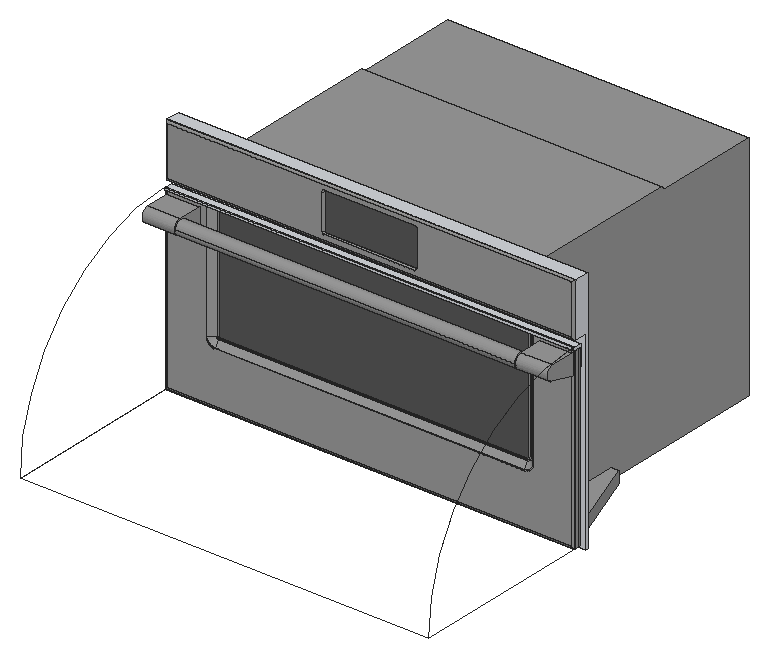
Revit family "FP-Revit20-en-OM30NPTX1-CompactSpeedOven-0-90003862A-US-CA", category Generic Models, Revit 2020
Family settings
  Can host rebar = No
  Round Connector Dimension = Use Diameter
  Part Type = Normal
  Work Plane-Based = No
  Always vertical = Yes
  Cut with Voids When Loaded = No
  Shared = No
  Room Calculation Point = No
Parameters (values of type "OM30NPTX1")
  URL = "www.fisherpaykel.com"
  Product - Overall width = 757 mm  # constant formula
  Product - Overall height = 458 mm  # constant formula
  Product - Overall depth (Excluding handle) = 575 mm  # constant formula
  Model = "OM30NPTX1"
  Material - Stainless steel = Fisher & Paykel - Stainless Steel
  Material - Handle = Fisher & Paykel - Stainless Steel
  Material - Black Glass = Fisher & Paykel - Glass, Black
  Manufacturer = "Fisher & Paykel Appliances"
  Description = "Compact Speed Oven, 30\""
  Default Elevation = 0 mm
  Connector note = "208 or 240 V, 60 Hz, 20 A"
  Clearance - Door = Fisher & Paykel - Clearance Required
  Chassis - Width = 720 mm  # constant formula
  Chassis - Height = 435 mm  # constant formula
  Chassis - Depth = 545 mm  # constant formula
  Cavity - minimum width = 724 mm  # constant formula
  Cavity - minimum depth = 550 mm  # constant formula
  Cavity - Minimum Height = 446 mm  # constant formula
Reference planes
  plane 1 "Center (Front/Back)": y = 0
  plane 2: z = 0
  plane 3 "Center (Left/Right)": x = 0
  plane 4: x = 278
  plane 5: x = -278
  plane 6 "Chassis Rear": y = 545
  plane 7 "Cavity RHS": x = 362
  plane 8 "Cavity LHS": x = -362
  plane 9: x = 229
  plane 10: x = -229
  plane 11: z = 21.6
  plane 12: z = 501.8
  plane 13 "Overall width RHS": x = 378.5
  plane 14 "Overall width LHS": x = -378.5
  plane 15: y = -16
  plane 16: y = -26
  plane 17: y = -30
  plane 18: z = 13
  plane 19 "Chassis RHS": x = 360
  plane 20 "Chassis LHS": x = -360
  plane 21: x = 347
  plane 22: x = -350
  plane 23 "Product - Overall height": z = 458
  plane 24: z = 487
  plane 25: z = 498
  plane 26 "Chassis - Top": z = 435
  plane 27 "Cavity - Rear": y = 550
  plane 28: x = -196.25
  plane 29: z = 446
  plane 30: z = 342.6
  plane 31: y = -30
  plane 32: y = -366
Forms (mm)
  Extrusion 1, solid, material "Fisher & Paykel - Stainless Steel" <- "Material - Stainless steel"
    sketch origin (0, 0, 0) x (0, 1, 0) y (0, 0, 1)
      loop
        line (0, 435) -> (0, 0) -> (498, 0) -> (498, 428) -> (305, 428) -> (298, 435) -> (0, 435)
    from -278 to 278
  Extrusion 2, solid
    sketch origin (0, 0, 0) x (0, 1, 0) y (0, 0, 1)
      loop
        line (498, 320) -> (498, 0) -> (528, 0) -> (528, 50) -> (545, 70) -> (545, 265) -> (498, 320)
    from -229 to 229
  Extrusion 3, void
    sketch origin (0, 0, 0) x (1, 0, 0) y (0, 1, 0)
      loop
        line (229, 498) -> (229, 545) -> (201.865, 545) -> (229, 498)
      loop
        line (-229, 498) -> (-201.865, 545) -> (-229, 545) -> (-229, 498)
    from 0 to 320
  Extrusion 4, solid, material "Fisher & Paykel - Stainless Steel" <- "Material - Stainless steel"
    sketch origin (0, 0, 0) x (1, 0, 0) y (0, 1, 0)
      loop
        line (293.636, 178.407) -> (278, 178.407) -> (278, 0) -> (359, 0) -> (293.636, 178.407)
      loop
        line (-293.636, 178.407) -> (-359, 0) -> (-278, 0) -> (-278, 178.407) -> (-293.636, 178.407)
    from 0 to 21.6
  Extrusion 5, solid
    sketch origin (0, 0, 0) x (1, 0, 0) y (0, 1, 0)
      loop
        line (359, 0) -> (351.079, 17.525) -> (348.66, 16.644) -> (356.217, 0) -> (359, 0)
      loop
        line (-359, 0) -> (-356.217, 0) -> (-351.66, 16.644) -> (-354.079, 17.525) -> (-359, 0)
    from 0 to 359.995
  Extrusion 6, solid
    sketch origin (378.5, 0, -140) x (0, 1, 0) y (0, 0, 1)
      loop
        line (0, 598) -> (-26, 598) -> (-26, 498) -> (-4, 498) -> (-4, 140) -> (0, 140) -> (0, 598)
    from 0 to -757
  Sweep 7, solid, material "Fisher & Paykel - Stainless Steel" <- "Material - Stainless steel"
    path origin (4267.2, -16, 482.097) x (0, 0, -1) y (1, 0, 0)
      loop
        line (139.497, -4555.2) -> (354.397, -4555.2)
        arc (354.397, -4555.2) -> (355.811, -4554.614) -> (356.397, -4553.2) r 2
        line (356.397, -4553.2) -> (356.397, -3981.2)
        arc (356.397, -3981.2) -> (355.811, -3979.786) -> (354.397, -3979.2) r 2
        line (354.397, -3979.2) -> (139.497, -3979.2)
    profile origin (-288, -16, 235.15) x (0, -1, 0) y (1, 0, 0)
      loop
        arc (5.546, -2.353) -> (5.429, -1.922) -> (5.39, -1.477) r 2.547
        line (5.39, -1.477) -> (5.39, 0) -> (-0.1, 0) -> (-0.1, -42.011) -> (14, -42.011) -> (14, -14.967)
        arc (14, -14.967) -> (13.906, -14.363) -> (13.634, -13.814) r 2
        line (13.634, -13.814) -> (5.546, -2.353)
  Sweep 8, solid, material "Fisher & Paykel - Stainless Steel" <- "Material - Stainless steel"
    path origin (4267.2, -16, 482.097) x (0, 0, -1) y (1, 0, 0)
      loop
        line (139.497, -4645.7) -> (470.597, -4645.7) -> (470.597, -3888.7) -> (139.497, -3888.7)
    profile origin (-378.5, -16, 177.05) x (0, -1, 0) y (1, 0, 0)
      loop
        arc (10, 0) -> (12.828, 1.172) -> (14, 4) r 4
        line (14, 4) -> (14, 24.223) -> (0, 24.223) -> (0, 4)
        arc (0, 4) -> (1.172, 1.172) -> (4, 0) r 4
        line (4, 0) -> (10, 0)
  Extrusion 9, solid, material "Fisher & Paykel - Stainless Steel" <- "Material - Stainless steel"
    sketch origin (4267.2, -16, 482.097) x (0, 0, -1) y (1, 0, 0)
      loop
        line (446.374, -4621.477) -> (446.374, -3912.923) -> (139.497, -3912.923) -> (139.497, -3937.189) -> (354.397, -3937.189)
        arc (354.397, -3937.189) -> (385.518, -3950.079) -> (398.408, -3981.2) r 44.011
        line (398.408, -3981.2) -> (398.408, -4553.2)
        arc (398.408, -4553.2) -> (385.518, -4584.321) -> (354.397, -4597.211) r 44.011
        line (354.397, -4597.211) -> (139.597, -4597.211) -> (139.597, -4621.477) -> (446.374, -4621.477)
    from 0 to 14
  Sweep 10, solid, material "Fisher & Paykel - Stainless Steel" <- "Material - Stainless steel"
    path origin (4267.2, -26, 458) x (0, 0, -1) y (1, 0, 0)
      loop
        line (0, -4645.7) -> (100, -4645.7) -> (100, -3888.7) -> (0, -3888.7) -> (0, -4645.7)
    profile origin (-378.5, -26, 408) x (0, -1, 0) y (1, 0, 0)
      loop
        line (4, 8.962) -> (0, 8.962) -> (0, 0)
        arc (0, 0) -> (2.828, 1.172) -> (4, 4) r 4
        line (4, 4) -> (4, 8.962)
  Extrusion 11, solid, material "Fisher & Paykel - Stainless Steel" <- "Material - Stainless steel"
    sketch origin (4267.2, -26, 458) x (0, 0, -1) y (1, 0, 0)
      loop
        line (91.038, -4636.738) -> (91.038, -3897.662) -> (8.962, -3897.662) -> (8.962, -4636.738) -> (91.038, -4636.738)
    from 0 to 4
  Extrusion 12, solid
    sketch origin (378.5, 0, 0) x (0, 1, 0) y (0, 0, 1)
      loop
        line (-4, 344.5) -> (-14.755, 344.5) -> (-14.755, 38.5) -> (-4, 38.5) -> (-4, 344.5)
    from -728.5 to -31.5
  Extrusion 13, solid
    sketch origin (378.5, -4, 38.5) x (-1, 0, 0) y (0, 1, 0)
      loop
        line (114, 0) -> (114, -10) -> (137, -10) -> (137, 0) -> (114, 0)
      loop
        line (646, -10) -> (646, 0) -> (623, 0) -> (623, -10) -> (646, -10)
    from 0 to 25.5
  Extrusion 14, void
    sketch origin (264.5, -4, 38.5) x (0, 1, 0) y (0, 0, -1)
      loop
        circle (-5.74, 21.5) r 2.483
    from 0 to 532
  Extrusion 15, solid, material "Fisher & Paykel - Glass, Black" <- "Material - Black Glass"
    sketch origin (378.5, -15.9, 342.5) x (0, 0, -1) y (1, 0, 0)
      loop
        line (0, -90.5) -> (0, -666.5) -> (214.8, -666.5)
        arc (214.8, -666.5) -> (216.214, -665.914) -> (216.8, -664.5) r 2
        line (216.8, -664.5) -> (216.8, -92.5)
        arc (216.8, -92.5) -> (216.214, -91.086) -> (214.8, -90.5) r 2
        line (214.8, -90.5) -> (0, -90.5)
    from 0 to 3.367
  Extrusion 16, void
    sketch origin (0, 0, 0) x (1, 0, 0) y (0, 1, 0)
      loop
        line (362, 550) -> (-362, 550) -> (-362, 0) -> (362, 0) -> (362, 550)
    from 0 to 446
  Extrusion 17, solid, material "Fisher & Paykel - Clearance Required" <- "Clearance - Door"
    sketch origin (378.5, -6.202, 1200) x (0, 1, 0) y (0, 0, 1)
      loop
        line (-23.798, -1188.5) -> (-23.798, -852.5)
        arc (-23.798, -852.5) -> (-261.386, -950.912) -> (-359.798, -1188.5) r 336
        line (-359.798, -1188.5) -> (-23.798, -1188.5)
    from 0 to -757
  Extrusion 18, solid
    sketch origin (0, 498, 0) x (0, 0, 1) y (1, 0, 0)
      loop
        line (338, 195) -> (338, 103) -> (398, 103) -> (398, 195) -> (338, 195)
    from 0 to 21
  Blend 19, void
    base sketch origin (4267.2, -30, 458) x (0, 0, -1) y (1, 0, 0)
      loop
        arc (16.5, -4178.915) -> (13.002, -4180.36) -> (11.543, -4183.853) r 4.957
        line (11.543, -4183.853) -> (11.543, -4350.509)
        arc (11.543, -4350.509) -> (12.988, -4354.027) -> (16.5, -4355.485) r 4.957
        line (16.5, -4355.485) -> (81.783, -4355.485)
        arc (81.783, -4355.485) -> (85.288, -4354.033) -> (86.74, -4350.528) r 4.957
        line (86.74, -4350.528) -> (86.74, -4183.872)
        arc (86.74, -4183.872) -> (85.288, -4180.367) -> (81.783, -4178.915) r 4.957
        line (81.783, -4178.915) -> (16.5, -4178.915)
    top sketch origin (4267.2, -30, 458) x (0, 0, -1) y (1, 0, 0)
      loop
        line (16.5, -4353.527) -> (81.783, -4353.527)
        arc (81.783, -4353.527) -> (83.904, -4352.649) -> (84.782, -4350.528) r 2.999
        line (84.782, -4350.528) -> (84.782, -4183.872)
        arc (84.782, -4183.872) -> (83.904, -4181.751) -> (81.783, -4180.873) r 2.999
        line (81.783, -4180.873) -> (16.5, -4180.873)
        arc (16.5, -4180.873) -> (14.382, -4181.748) -> (13.501, -4183.863) r 2.999
        line (13.501, -4183.863) -> (13.501, -4350.52)
        arc (13.501, -4350.52) -> (14.377, -4352.646) -> (16.5, -4353.527) r 2.999
    from 0 to -4
  Extrusion 20, solid, material "Fisher & Paykel - Stainless Steel" <- "Material - Handle", detail levels medium+fine
    sketch origin (0, 8, 115.694) x (0, 1, 0) y (0, 0, 1)
      loop
        circle (-83.175, 207.885) r 12.921
    from -314.963 to 314.963
  Extrusion 21, solid, material "Fisher & Paykel - Stainless Steel" <- "Material - Handle"
    sketch origin (0, 7, -377.725) x (0, 1, 0) y (0, 0, 1)
      loop
        line (-37, 714.225) -> (-82.175, 714.225)
        arc (-82.175, 714.225) -> (-94.993, 702.933) -> (-85.405, 688.794) r 12.921
        line (-85.405, 688.794) -> (-37, 676.725) -> (-37, 714.225)
    from -375 to -314.963
  Extrusion 22, solid
    sketch origin (0, 0, 0) x (0, 1, 0) y (0, 0, 1)
      loop
        line (-14.755, 346.5) -> (-30.755, 346.5) -> (-30.755, 342.6) -> (-15.9, 342.6) -> (-15.9, 308.5) -> (-14.755, 308.5) -> (-14.755, 346.5)
    from -378.5 to 378.5
  Extrusion 23, solid, material "Fisher & Paykel - Stainless Steel" <- "Material - Handle"
    sketch origin (689.963, 7, -377.725) x (0, 1, 0) y (0, 0, 1)
      loop
        line (-37, 714.225) -> (-82.175, 714.225)
        arc (-82.175, 714.225) -> (-94.993, 702.933) -> (-85.405, 688.794) r 12.921
        line (-85.405, 688.794) -> (-37, 676.725) -> (-37, 714.225)
    from -375 to -314.963
  Extrusion 24, solid, material "Fisher & Paykel - Glass, Black" <- "Material - Black Glass"
    sketch origin (4267.2, -26, 458) x (0, 0, 1) y (1, 0, 0)
      loop
        arc (-16.5, -4353.527) -> (-14.377, -4352.646) -> (-13.501, -4350.52) r 2.999
        line (-13.501, -4350.52) -> (-13.501, -4183.863)
        arc (-13.501, -4183.863) -> (-14.382, -4181.748) -> (-16.5, -4180.873) r 2.999
        line (-16.5, -4180.873) -> (-81.783, -4180.873)
        arc (-81.783, -4180.873) -> (-83.904, -4181.751) -> (-84.782, -4183.872) r 2.999
        line (-84.782, -4183.872) -> (-84.782, -4350.528)
        arc (-84.782, -4350.528) -> (-83.904, -4352.649) -> (-81.783, -4353.527) r 2.999
        line (-81.783, -4353.527) -> (-16.5, -4353.527)
    from 0.642 to -0.307
Cuts and joins
  Extrusion 3 cuts Extrusion 2
  joined: Sweep 7, Sweep 8, Extrusion 9
  Extrusion 14 cuts Extrusion 13
  Blend 19 cuts Extrusion 11
  joined: Sweep 10, Extrusion 11
Lines and regions (mm)
  model lines
    curve 1: line (-375.413, -16, 482.7) -> (-376.243, -16, 482.7)
Dimensions and locks
  "Product - Overall width": plane 14 "Overall width LHS" to plane 13 "Overall width RHS"
  "Chassis - Width": plane 20 "Chassis LHS" to plane 19 "Chassis RHS"
  "Chassis - Depth": plane 1 "Center (Front/Back)" to plane 6 "Chassis Rear"
  plane 17 to plane 1 "Center (Front/Back)" = 30 mm
  "Product - Overall height": plane 23 "Product - Overall height" to level
  locked: plane 24 to level at 487
  plane 25 to plane 23 "Product - Overall height" = 40 mm
  "Chassis - Height": plane 26 "Chassis - Top" to level
  "Cavity - minimum width": plane 8 "Cavity LHS" to plane 7 "Cavity RHS"
  "Cavity - minimum depth": plane 1 "Center (Front/Back)" to plane 27 "Cavity - Rear"
  "Product - Overall depth (Excluding handle)": plane 17 to plane 6 "Chassis Rear"
  "Cavity - Minimum Height": plane 29 to level
  locked: Extrusion 22 to Extrusion 21 at 10
  aligned and locked: level to plane 2
  aligned and locked: Extrusion 1 to plane 5
  aligned and locked: Extrusion 2 to plane 10
  aligned and locked: Extrusion 1 to Extrusion 3
  aligned and locked: Extrusion 9 sketch curve to Sweep 7  (x2)
  aligned and locked: Extrusion 9 to Sweep 7
  aligned and locked: Extrusion 11 to Extrusion 6
  aligned and locked: Extrusion 13 to plane 18
  aligned and locked: plane 21 to Extrusion 12
  aligned and locked: cut or joined group of Sweep 7, Sweep 8, Extrusion 9 to Extrusion 15 sketch curve
  aligned and locked: Extrusion 15 sketch curve to cut or joined group of Sweep 7, Sweep 8, Extrusion 9  (x2)
  aligned and locked: Extrusion 16 sketch curve to plane 7 "Cavity RHS"
  aligned and locked: plane 8 "Cavity LHS" to Extrusion 16 sketch curve
  aligned and locked: Extrusion 16 sketch curve to plane 1 "Center (Front/Back)"
  aligned and locked: plane 27 "Cavity - Rear" to Extrusion 16
  aligned and locked: plane 29 to Extrusion 16
  aligned and locked: Extrusion 3 to Extrusion 2  (x2)
  aligned and locked: Extrusion 2 to level
  aligned and locked: Extrusion 12 to plane 22
  aligned and locked: Extrusion 17 sketch curve to plane 31
  aligned and locked: Blend 19 to Extrusion 6
  aligned and locked: Extrusion 22 sketch curve to Extrusion 12
  aligned and locked: Extrusion 15 to Extrusion 22 sketch curve
  aligned and locked: Extrusion 22 sketch curve to plane 30
  aligned and locked: Extrusion 6 to Extrusion 22  (x2)
  aligned and locked: Extrusion 21 to Extrusion 20
  aligned and locked: Extrusion 23 to Extrusion 20
  aligned and locked: Extrusion 23 to cut or joined group of Sweep 7, Sweep 8, Extrusion 9
  aligned and locked: Extrusion 21 to cut or joined group of Sweep 7, Sweep 8, Extrusion 9
  aligned and locked: Extrusion 24 sketch curve to cut or joined group of Sweep 10, Extrusion 11, Blend 19  (x2)
Automatic sketch dimensions
  Extrusion 1 sketch curve to plane 1 "Center (Front/Back)" = 0 mm
  Extrusion 1 sketch curve to level = 0 mm
  plane 26 "Chassis - Top" to Extrusion 1 sketch curve = 0 mm
  Extrusion 1 sketch curve to plane 6 "Chassis Rear" = 247 mm
  Extrusion 1 sketch curve to plane 26 "Chassis - Top" = 7 mm
  Extrusion 1 sketch curve to Extrusion 1 sketch curve = 7 mm
  Extrusion 1 sketch curve to plane 6 "Chassis Rear" = 47 mm
  Extrusion 2 sketch curve to level = 0 mm
  Extrusion 2 sketch curve to plane 6 "Chassis Rear" = 0 mm
  Extrusion 2 sketch curve to plane 6 "Chassis Rear" = 17 mm
  Extrusion 2 sketch curve to Extrusion 2 sketch curve = 30 mm
  plane 11 to Extrusion 2 sketch curve = 28.4 mm
  Extrusion 2 sketch curve to Extrusion 2 sketch curve = 20 mm
  plane 30 to Extrusion 2 sketch curve = 77.6 mm
  plane 30 to Extrusion 2 sketch curve = 22.6 mm
  Extrusion 3 sketch curve to plane 6 "Chassis Rear" = 0 mm  (x2)
  Extrusion 3 sketch curve to plane 10 = 0 mm
  Extrusion 3 sketch curve to plane 9 = 0 mm
  plane 28 to Extrusion 3 sketch curve = 5.615 mm
  Extrusion 3 sketch curve to Extrusion 3 sketch curve = 27.135 mm
  Extrusion 3 sketch curve to Extrusion 3 sketch curve = 47 mm
  Extrusion 3 sketch curve to plane 6 "Chassis Rear" = 47 mm
  plane 1 "Center (Front/Back)" to Extrusion 4 sketch curve = 0 mm  (x2)
  Extrusion 4 sketch curve to plane 5 = 0 mm
  Extrusion 4 sketch curve to plane 4 = 0 mm
  Extrusion 4 sketch curve to Extrusion 4 sketch curve = 15.636 mm  (x2)
  Extrusion 4 sketch curve to plane 20 "Chassis LHS" = 1 mm
  plane 19 "Chassis RHS" to Extrusion 4 sketch curve = 1 mm
  Extrusion 4 sketch curve to plane 1 "Center (Front/Back)" = 178.407 mm  (x2)
  plane 1 "Center (Front/Back)" to Extrusion 5 sketch curve = 0 mm  (x2)
  Extrusion 5 sketch curve to plane 20 "Chassis LHS" = 1 mm
  Extrusion 5 sketch curve to Extrusion 5 sketch curve = 2.783 mm
  Extrusion 5 sketch curve to plane 22 = 4.079 mm
  Extrusion 5 sketch curve to plane 22 = 1.66 mm
  plane 21 to Extrusion 5 sketch curve = 1.66 mm
  Extrusion 5 sketch curve to Extrusion 5 sketch curve = 2.42 mm
  plane 19 "Chassis RHS" to Extrusion 5 sketch curve = 3.783 mm
  plane 19 "Chassis RHS" to Extrusion 5 sketch curve = 1 mm
  Extrusion 5 sketch curve to plane 1 "Center (Front/Back)" = 16.644 mm  (x2)
  Extrusion 5 sketch curve to Extrusion 5 sketch curve = 0.881 mm  (x2)
  Extrusion 6 sketch curve to plane 16 = 0 mm
  Extrusion 6 sketch curve to level = 0 mm
  Extrusion 6 sketch curve to plane 1 "Center (Front/Back)" = 0 mm
  plane 1 "Center (Front/Back)" to Extrusion 6 sketch curve = 4 mm
  Extrusion 6 sketch curve to plane 30 = 15.4 mm
  plane 23 "Product - Overall height" to Extrusion 6 sketch curve = 0 mm
  Sweep 7 sketch curve to plane 30 = 0 mm  (x2)
  Sweep 7 sketch curve to plane 4 = 10 mm
  plane 11 to Sweep 7 sketch curve = 106.1 mm  (x2)
  Sweep 7 sketch curve to plane 5 = 8 mm
  Sweep 7 sketch curve to Sweep 7 sketch curve = 2 mm
  Sweep 7 sketch curve to profile plane = 0 mm
  Sweep 7 sketch curve to plane 15 = 0.1 mm
  plane 15 to Sweep 7 sketch curve = 5.39 mm
  profile plane to Sweep 7 sketch curve = 2.353 mm
  Sweep 7 sketch curve to Sweep 7 sketch curve = 0.156 mm
  profile plane to Sweep 7 sketch curve = 1.477 mm
  plane 15 to Sweep 7 sketch curve = 12 mm
  Sweep 7 sketch curve to Sweep 7 sketch curve = 1.634 mm
  plane 15 to Sweep 7 sketch curve = 14 mm
  Sweep 7 sketch curve to Sweep 7 sketch curve = 12.337 mm
  Sweep 7 sketch curve to Sweep 7 sketch curve = 27.044 mm
  curve 1 to plane 24 = 4.3 mm
  curve 1 to plane 14 "Overall width LHS" = 2.257 mm
  curve 1 to curve 1 = 0.831 mm
  Sweep 8 sketch curve to plane 13 "Overall width RHS" = 0 mm
  Sweep 8 sketch curve to plane 30 = 0 mm  (x2)
  plane 14 "Overall width LHS" to Sweep 8 sketch curve = 0 mm
  Sweep 8 sketch curve to plane 18 = 1.5 mm
  plane 15 to Sweep 8 sketch curve = 0 mm
  plane 15 to Sweep 8 sketch curve = 4 mm
  Sweep 8 sketch curve to Sweep 8 sketch curve = 6 mm
  plane 15 to Sweep 8 sketch curve = 14 mm
  Sweep 8 sketch curve to profile plane = 0 mm
  Sweep 8 sketch curve to Sweep 8 sketch curve = 20.223 mm
  Extrusion 9 sketch curve to plane 30 = 0 mm
  plane 30 to Extrusion 9 sketch curve = 0.1 mm
  Extrusion 9 sketch curve to plane 22 = 4.277 mm
  plane 11 to Extrusion 9 sketch curve = 14.123 mm
  plane 19 "Chassis RHS" to Extrusion 9 sketch curve = 5.723 mm
  Sweep 10 sketch curve to plane 13 "Overall width RHS" = 0 mm
  plane 14 "Overall width LHS" to Sweep 10 sketch curve = 0 mm
  plane 23 "Product - Overall height" to Sweep 10 sketch curve = 0 mm
  Sweep 10 sketch curve to plane 30 = 15.4 mm
  plane 16 to Sweep 10 sketch curve = 0 mm
  Sweep 10 sketch curve to Sweep 10 sketch curve = 4 mm
  Sweep 10 sketch curve to profile plane = 0 mm
  Sweep 10 sketch curve to Sweep 10 sketch curve = 4.962 mm
  plane 29 to Extrusion 11 sketch curve = 3.038 mm
  plane 8 "Cavity LHS" to Extrusion 11 sketch curve = 7.538 mm
  Extrusion 11 sketch curve to plane 30 = 24.362 mm
  plane 7 "Cavity RHS" to Extrusion 11 sketch curve = 7.538 mm
  Extrusion 12 sketch curve to plane 15 = 1.245 mm
  plane 1 "Center (Front/Back)" to Extrusion 12 sketch curve = 4 mm
  plane 11 to Extrusion 12 sketch curve = 16.9 mm
  Extrusion 12 sketch curve to plane 30 = 1.9 mm
  Extrusion 12 to Extrusion 13 sketch curve = 0 mm  (x2)
  Extrusion 13 sketch curve to Extrusion 12 = 0.755 mm  (x2)
  Extrusion 13 sketch curve to Extrusion 12 = 82.5 mm
  Extrusion 13 sketch curve to Extrusion 13 sketch curve = 23 mm  (x2)
  Extrusion 13 sketch curve to Extrusion 12 = 105.5 mm
  Extrusion 14 sketch curve to Extrusion 13 = 4.26 mm
  Extrusion 14 sketch curve to Extrusion 13 = 4 mm
  plane 30 to Extrusion 15 sketch curve = 0.1 mm
  Extrusion 16 sketch curve to plane 27 "Cavity - Rear" = 0 mm
  Extrusion 17 sketch curve to plane 32 = 0 mm
  Extrusion 17 sketch curve to plane 18 = 1.5 mm
  Extrusion 18 sketch curve to Extrusion 1 = 90 mm
  Extrusion 18 sketch curve to Extrusion 1 = 30 mm
  Extrusion 1 to Extrusion 18 sketch curve = 175 mm
  Extrusion 1 to Extrusion 18 sketch curve = 83 mm
  Blend 19 sketch curve to Extrusion 11 = 2.581 mm
  Blend 19 sketch curve to Blend 19 sketch curve = 4.957 mm  (x4)
  Blend 19 sketch curve to Extrusion 11 = 9.255 mm  (x4)
  Blend 19 sketch curve to Extrusion 11 = 4.298 mm
  Blend 19 sketch curve to Extrusion 11 = 281.253 mm
  Blend 19 sketch curve to Blend 19 sketch curve = 166.657 mm  (x2)
  Blend 19 sketch curve to Extrusion 11 = 4.539 mm
  Blend 19 sketch curve to Blend 19 sketch curve = 2.999 mm  (x5)
  Blend 19 sketch curve to Extrusion 11 = 283.211 mm
  plane 30 to Extrusion 20 sketch curve = 19.021 mm
  plane 17 to Extrusion 20 sketch curve = 45.175 mm
  Extrusion 21 sketch curve to plane 31 = 0 mm
  plane 30 to Extrusion 21 sketch curve = 19.021 mm
  plane 17 to Extrusion 21 sketch curve = 45.175 mm
  Extrusion 21 sketch curve to Extrusion 21 sketch curve = 3.23 mm
  Extrusion 21 sketch curve to Extrusion 21 sketch curve = 12.51 mm
  Extrusion 21 sketch curve to Extrusion 21 sketch curve = 37.5 mm
  plane 17 to Extrusion 22 sketch curve = 0.755 mm
  Extrusion 22 sketch curve to Extrusion 22 sketch curve = 34.1 mm
  Extrusion 22 sketch curve to plane 30 = 3.9 mm
  Extrusion 23 sketch curve to plane 31 = 0 mm
  plane 30 to Extrusion 23 sketch curve = 19.021 mm
  plane 17 to Extrusion 23 sketch curve = 45.175 mm
  Extrusion 23 sketch curve to Extrusion 23 sketch curve = 3.23 mm
  Extrusion 23 sketch curve to Extrusion 23 sketch curve = 12.51 mm
  Extrusion 23 sketch curve to Extrusion 23 sketch curve = 37.5 mm
  Extrusion 24 sketch curve to Extrusion 11 = 6.256 mm
  Extrusion 24 sketch curve to Extrusion 24 sketch curve = 2.999 mm  (x3)
  Extrusion 24 sketch curve to Extrusion 11 = 7.538 mm
  Extrusion 24 sketch curve to Extrusion 24 sketch curve = 166.657 mm
  radius of Extrusion 14 sketch curve = 2.483 mm
  radius of Extrusion 20 sketch curve = 12.921 mm
Connectors
  electrical at (149, 519, 368), driven by "Connector note"
    settings: on Extrusion 18, index 1, voltage 0 V, apparent load 0 VA, apparent load phase1 0 VA, apparent load phase2 0 VA, apparent load phase3 0 VA, power factor 1, load classification "Other", number of poles 1, system type 31, power factor state 1, is connector primary yes, connector utility no, sub classification motor no, connector description "208 or 240 V, 60 Hz, 20 A"
